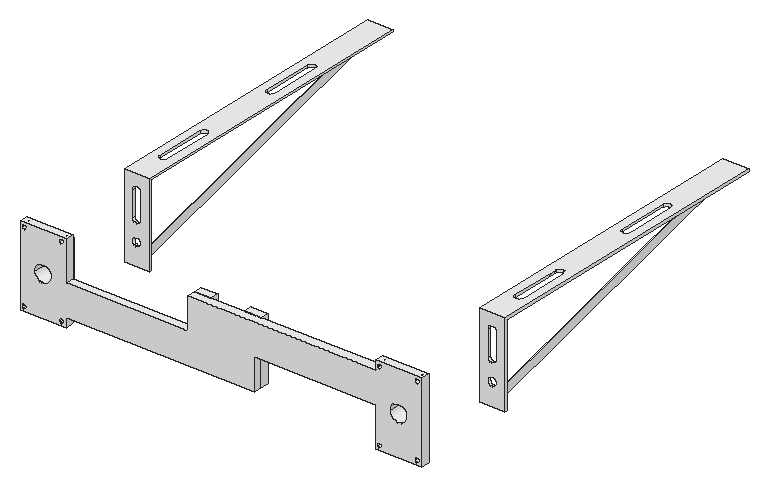
Revit family "Plumbing Fixture-Water_Closet_Carrier_Mifab_MC-56", category Plumbing Fixtures, host Wall, Revit 2013
Parameters
  Wall Thickness = 5"
  URL = "www.mifab.com"
  Model = "MC-56"
  Manufacturer = "MIFAB"
  Floor Drain Material = Paint - Sherwin Williams Paint - #952C2A - Bellwood Red
  Description = "Exposed Arm For Wall Mounted Lavatory Support With Exposed Arms"
  DIST. WALL = 0"
  ADJ. RANGE = 21 1/4"
Reference planes (in)
  plane 1: y = 0
  plane 2 "Center (Left/Right)": x = -0.47711
  plane 3 "Back": y = 3
  plane 4: x = -11.10211
  plane 5: x = 10.14789
  plane 6: y = 3
  plane 7: y = -3
Forms (in)
  Extrusion 1, solid, material "Paint - Sherwin Williams Paint - #952C2A - Bellwood Red" <- "Floor Drain Material"
    sketch origin (8.73377, 2.28461, -1.29905) x (0, -1, 0) y (0, 0, 1)
      loop
        line (-18.88286, 15.90975) -> (-18.88286, 15.78475) -> (-0.84039, 15.78475) -> (-0.84039, 10.90975) -> (-0.71539, 10.90975) -> (-0.71539, 15.90975) -> (-18.88286, 15.90975)
    from -0.66402 to -2.16422
  Extrusion 2, solid, material "Paint - Sherwin Williams Paint - #952C2A - Bellwood Red" <- "Floor Drain Material"
    sketch origin (17.98377, 2.15961, -1.29905) x (0, -1, 0) y (0, 0, -1)
      loop
        line (-0.96539, -10.91317) -> (-19.00786, -15.78475) -> (-17.08974, -15.78475) -> (-0.96539, -11.43107) -> (-0.96539, -10.91317)
    from -7.83588 to -7.77328
  Extrusion 3, solid, material "Paint - Sherwin Williams Paint - #952C2A - Bellwood Red" <- "Floor Drain Material"
    sketch origin (-11.06268, 2.28461, -1.29905) x (0, -1, 0) y (0, 0, 1)
      loop
        line (-18.88286, 15.90975) -> (-18.88286, 15.78475) -> (-0.84039, 15.78475) -> (-0.84039, 10.90975) -> (-0.71539, 10.90975) -> (-0.71539, 15.90975) -> (-18.88286, 15.90975)
    from 0.78943 to -0.71057
  Extrusion 4, solid, material "Paint - Sherwin Williams Paint - #952C2A - Bellwood Red" <- "Floor Drain Material"
    sketch origin (-1.81268, 2.15961, -1.29905) x (0, -1, 0) y (0, 0, -1)
      loop
        line (-0.96539, -10.91317) -> (-19.00786, -15.78475) -> (-17.08974, -15.78475) -> (-0.96539, -11.43107) -> (-0.96539, -10.91317)
    from -9.28943 to -9.22672
  Extrusion 5, void
    sketch origin (-28.75956, 11.9713, 14.6107) x (1, 0, 0) y (0, -1, 0)
      loop
        arc (17.40747, 3.9713) -> (17.65746, 3.72131) -> (17.90745, 3.9713) r 0.24999
        line (17.90745, 3.9713) -> (17.90745, 6.9713)
        arc (17.90745, 6.9713) -> (17.6582, 7.22129) -> (17.40747, 6.97279) r 0.24999
        line (17.40747, 6.97279) -> (17.40747, 3.9713)
      loop
        arc (17.40747, -4.0287) -> (17.65746, -4.27869) -> (17.90745, -4.0287) r 0.24999
        line (17.90745, -4.0287) -> (17.90745, -1.0287)
        arc (17.90745, -1.0287) -> (17.65863, -0.77871) -> (17.40747, -1.02635) r 0.25
        line (17.40747, -1.02635) -> (17.40747, -4.0287)
      loop
        arc (38.65747, 3.9713) -> (38.90746, 3.72131) -> (39.15745, 3.9713) r 0.24999
        line (39.15745, 3.9713) -> (39.15745, 6.9713)
        arc (39.15745, 6.9713) -> (38.9082, 7.22129) -> (38.65747, 6.97279) r 0.24999
        line (38.65747, 6.97279) -> (38.65747, 3.9713)
      loop
        arc (38.65747, -4.0287) -> (38.90746, -4.27869) -> (39.15745, -4.0287) r 0.24999
        line (39.15745, -4.0287) -> (39.15745, -1.0287)
        arc (39.15745, -1.0287) -> (38.90863, -0.77871) -> (38.65747, -1.02635) r 0.25
        line (38.65747, -1.02635) -> (38.65747, -4.0287)
    from 0 to 0.125
  Extrusion 6, void
    sketch origin (8.73377, 4.375, 9.6107) x (0, 0, -1) y (1, 0, 0)
      loop
        arc (-4.07797, -19.58588) -> (-4.32797, -19.83588) -> (-4.07797, -20.08588) r 0.25
        line (-4.07797, -20.08588) -> (-2.57797, -20.08588)
        arc (-2.57797, -20.08588) -> (-2.32797, -19.83588) -> (-2.57797, -19.58588) r 0.25
        line (-2.57797, -19.58588) -> (-4.07797, -19.58588)
      loop
        circle (-1.32797, -19.83588) r 0.25
      loop
        arc (-4.07797, 1.66412) -> (-4.32797, 1.41412) -> (-4.07797, 1.16412) r 0.25
        line (-4.07797, 1.16412) -> (-2.57797, 1.16412)
        arc (-2.57797, 1.16412) -> (-2.32797, 1.41412) -> (-2.57797, 1.66412) r 0.25
        line (-2.57797, 1.66412) -> (-4.07797, 1.66412)
      loop
        circle (-1.32797, 1.41412) r 0.25
    from 0 to 2.11174
  Extrusion 7, solid, material "Paint - Sherwin Williams Paint - #952C2A - Bellwood Red" <- "Floor Drain Material"
    sketch origin (-72, -3, 62.6107) x (-1, 0, 0) y (0, 0, 1)
      loop
        line (-83.14789, -48.42203) -> (-83.14789, -52.17203) -> (-81.14789, -52.17203) -> (-81.14789, -48.42203) -> (-83.14789, -48.42203)
      loop
        line (-61.89789, -48.42203) -> (-61.89789, -52.17203) -> (-59.89789, -52.17203) -> (-59.89789, -48.42203) -> (-61.89789, -48.42203)
    from 0 to -0.5
  Extrusion 8, solid, material "Paint - Sherwin Williams Paint - #952C2A - Bellwood Red" <- "Floor Drain Material"
    sketch origin (-72, -3, 62.6107) x (-1, 0, 0) y (0, 0, 1)
      loop
        line (-83.52289, -47.92203) -> (-83.52289, -52.67203) -> (-80.77289, -52.67203) -> (-80.77289, -50.29703) -> (-73.52289, -50.29703) -> (-73.52289, -52.17203) -> (-62.27289, -52.17203) -> (-62.27289, -52.67203) -> (-59.52289, -52.67203) -> (-59.52289, -47.92203) -> (-62.27289, -47.92203) -> (-62.27289, -50.29703) -> (-69.52289, -50.29703) -> (-69.52289, -48.42203) -> (-80.77289, -48.42203) -> (-80.77289, -47.92203) -> (-83.52289, -47.92203)
    from -0.5 to -1
  Extrusion 9, solid, material "Paint - Sherwin Williams Paint - #952C2A - Bellwood Red" <- "Floor Drain Material"
    sketch origin (-72, -3.5, 62.6107) x (-1, 0, 0) y (0, 0, 1)
      loop
        line (-73.52289, -52.17203) -> (-72.52289, -52.17203) -> (-72.52289, -48.42203) -> (-73.52289, -48.42203) -> (-73.52289, -52.17203)
      loop
        line (-69.52289, -48.42203) -> (-70.52289, -48.42203) -> (-70.52289, -52.17203) -> (-69.52289, -52.17203) -> (-69.52289, -48.42203)
    from 0 to 0.5
  Extrusion 10, void
    sketch origin (-72, -3, 62.6107) x (1, 0, 0) y (0, 0, 1)
      loop
        circle (82.14789, -50.29703) r 0.5
      loop
        circle (81.02289, -48.17203) r 0.125
      loop
        circle (83.27289, -48.17203) r 0.125
      loop
        circle (81.02289, -52.42203) r 0.125
      loop
        circle (83.27289, -52.42203) r 0.125
      loop
        circle (60.89789, -50.29703) r 0.5
      loop
        circle (62.02289, -48.17203) r 0.125
      loop
        circle (59.77289, -48.17203) r 0.125
      loop
        circle (62.02289, -52.42203) r 0.125
      loop
        circle (59.77289, -52.42203) r 0.125
    from 0 to 12
Cuts and joins
  Extrusion 5, Extrusion 6 cuts Extrusion 1
  Extrusion 5 cuts Extrusion 2
  Extrusion 5, Extrusion 6 cuts Extrusion 3
  Extrusion 5 cuts Extrusion 4
  Extrusion 10 cuts Extrusion 7
  Extrusion 10 cuts Extrusion 8
  joined: Extrusion 7, Extrusion 8
Text (in)
  text "Placement Side" at (0, 40.15149, 123.01588), in view "Right"
  text "Placement Side" at (-70.3804, 45.82615, 0), in view "Ref. Level"
  text "Placement Side" at (0, 47.49176, 113.10569), in view "Left"
Dimensions and locks (in)
  locked: plane 3 "Back" to host wall
  locked: Extrusion 1 sketch curve to Extrusion 1 sketch curve at 0.125  (x2)
  locked: Extrusion 1 sketch curve to Extrusion 1 sketch curve at 5
  Extrusion 1 sketch curve to Extrusion 1 sketch curve = 18.16747"
  Extrusion 2 sketch curve to Extrusion 2 sketch curve = 1/2"
  equal spacing: plane 4, plane 2 "Center (Left/Right)", plane 5
  locked: Extrusion 3 sketch curve to Extrusion 3 sketch curve at 0.125  (x2)
  locked: Extrusion 3 sketch curve to Extrusion 3 sketch curve at 5
  Extrusion 3 sketch curve to Extrusion 3 sketch curve = 18.16747"
  Extrusion 4 sketch curve to Extrusion 4 sketch curve = 1/2"
  "ADJ. RANGE": plane 4 to plane 5
  equal spacing: cut or joined group of Extrusion 1, Extrusion 5, Extrusion 6, plane 5, cut or joined group of Extrusion 1, Extrusion 5, Extrusion 6
  equal spacing: cut or joined group of Extrusion 3, Extrusion 5, Extrusion 6, plane 4, cut or joined group of Extrusion 3, Extrusion 5, Extrusion 6
  locked: cut or joined group of Extrusion 4, Extrusion 5 to plane 4 at 0.0627
  locked: cut or joined group of Extrusion 2, Extrusion 5 to plane 5 at 0.0626
  locked: cut or joined group of Extrusion 1, Extrusion 5, Extrusion 6 to cut or joined group of Extrusion 1, Extrusion 5, Extrusion 6 at 1.5002
  locked: cut or joined group of Extrusion 3, Extrusion 5, Extrusion 6 to cut or joined group of Extrusion 3, Extrusion 5, Extrusion 6 at 1.5
  equal spacing: Extrusion 6 sketch curve, plane 4, Extrusion 6 sketch curve
  locked: Extrusion 6 sketch curve to Extrusion 6 sketch curve at 0.5  (x2)
  equal spacing: Extrusion 6 sketch curve, plane 5, Extrusion 6 sketch curve
  "DIST. WALL": plane 3 "Back" to plane 6
  locked: Extrusion 5 sketch curve to Extrusion 5 sketch curve at 3  (x4)
  locked: Extrusion 5 sketch curve to plane 6 at 2  (x2)
  locked: Extrusion 5 sketch curve to Extrusion 5 sketch curve at 5  (x2)
  equal spacing: Extrusion 5 sketch curve, cut or joined group of Extrusion 4, Extrusion 5, Extrusion 5 sketch curve  (x2)
  Extrusion 5 sketch curve to Extrusion 5 sketch curve = 1/2"
  equal spacing: Extrusion 5 sketch curve, cut or joined group of Extrusion 2, Extrusion 5, Extrusion 5 sketch curve  (x2)
  locked: Extrusion 5 sketch curve to Extrusion 5 sketch curve at 0.49998
  locked: Extrusion 7 sketch curve to Extrusion 7 sketch curve at 2  (x2)
  equal spacing: Extrusion 7 sketch curve, plane 5, Extrusion 7 sketch curve
  locked: Extrusion 7 sketch curve to Extrusion 7 sketch curve at 3.75  (x2)
  locked: Extrusion 7 sketch curve to level at 0.42203
  equal spacing: Extrusion 7 sketch curve, plane 4, Extrusion 7 sketch curve
  locked: Extrusion 8 sketch curve to Extrusion 8 sketch curve at 4.75
  locked: Extrusion 8 sketch curve to Extrusion 8 sketch curve at 2.75  (x2)
  equal spacing: Extrusion 8 sketch curve, plane 5, Extrusion 8 sketch curve
  locked: Extrusion 7 to Extrusion 8 sketch curve at 0.5
  equal spacing: Extrusion 8 sketch curve, plane 4, Extrusion 8 sketch curve
  locked: plane 2 "Center (Left/Right)" to Extrusion 8 sketch curve at 2  (x2)
  locked: Extrusion 8 sketch curve to Extrusion 8 sketch curve at 0.5
  locked: Extrusion 8 sketch curve to Extrusion 8 sketch curve at 1.875
  locked: Extrusion 8 to Extrusion 9 sketch curve at 1
  locked: Extrusion 9 sketch curve to Extrusion 8 at 1
  locked: Extrusion 10 sketch curve to cut or joined group of Extrusion 7, Extrusion 8, Extrusion 10 at 1.875  (x2)
  locked: cut or joined group of Extrusion 7, Extrusion 8, Extrusion 10 to Extrusion 10 sketch curve at 0.25  (x12)
  locked: Extrusion 10 sketch curve to cut or joined group of Extrusion 7, Extrusion 8, Extrusion 10 at 0.25  (x4)
  diameter of Extrusion 6 sketch curve = 1/2"  (x2)
  diameter of Extrusion 10 sketch curve = 1"  (x2)
  diameter of Extrusion 10 sketch curve = 1/4"  (x4)
  aligned and locked: plane 5 to Extrusion 2
  aligned and locked: plane 4 to cut or joined group of Extrusion 4, Extrusion 5
  aligned and locked: Extrusion 3 to cut or joined group of Extrusion 4, Extrusion 5
  aligned and locked: Extrusion 1 to cut or joined group of Extrusion 2, Extrusion 5
  aligned and locked: cut or joined group of Extrusion 4, Extrusion 5 to cut or joined group of Extrusion 3, Extrusion 5, Extrusion 6  (x2)
  aligned and locked: cut or joined group of Extrusion 2, Extrusion 5 to cut or joined group of Extrusion 1, Extrusion 5, Extrusion 6  (x2)
  aligned and locked: plane 7 to host wall
  aligned and locked: Extrusion 7 to host wall
  aligned and locked: Extrusion 8 sketch curve to Extrusion 8 sketch curve  (x5)
  aligned and locked: Extrusion 8 to Extrusion 7
  aligned and locked: Extrusion 9 sketch curve to Extrusion 8  (x3)
  aligned and locked: Extrusion 8 to Extrusion 9 sketch curve
  aligned and locked: Extrusion 9 to host wall
  aligned and locked: cut or joined group of Extrusion 2, Extrusion 5 to Extrusion 10 sketch curve
  aligned and locked: plane 4 to Extrusion 10 sketch curve
Automatic sketch dimensions
  Extrusion 1 sketch curve to level = 0"
  Extrusion 1 sketch curve to plane 6 = 0"
  Extrusion 2 sketch curve to level = 1/8"
  plane 6 to Extrusion 2 sketch curve = 18.16747"
  plane 6 to Extrusion 2 sketch curve = 1/8"
  Extrusion 2 sketch curve to level = 4.47868"
  Extrusion 3 sketch curve to level = 0"
  Extrusion 3 sketch curve to plane 6 = 0"
  Extrusion 4 sketch curve to level = 1/8"
  plane 6 to Extrusion 4 sketch curve = 18.16747"
  plane 6 to Extrusion 4 sketch curve = 1/8"
  Extrusion 4 sketch curve to level = 4.47868"
  plane 4 to Extrusion 5 sketch curve = 1/4"  (x2)
  plane 6 to Extrusion 5 sketch curve = 1.99851"
  plane 5 to Extrusion 5 sketch curve = 1/4"
  plane 4 to Extrusion 5 sketch curve = 0"  (x2)
  plane 5 to Extrusion 5 sketch curve = 0"
  Extrusion 6 sketch curve to level = 0.92203"  (x2)
  plane 4 to Extrusion 6 sketch curve = 0"
  plane 5 to Extrusion 6 sketch curve = 0"
  Extrusion 6 sketch curve to Extrusion 6 sketch curve = 1 1/2"  (x2)
  Extrusion 6 sketch curve to Extrusion 6 sketch curve = 1 1/4"  (x2)
  Extrusion 7 sketch curve to level = 0.42203"
  Extrusion 8 sketch curve to level = 0.42203"
  Extrusion 9 sketch curve to Extrusion 8 = 0"  (x2)
  radius of Extrusion 10 sketch curve = 1/8"  (x4)
